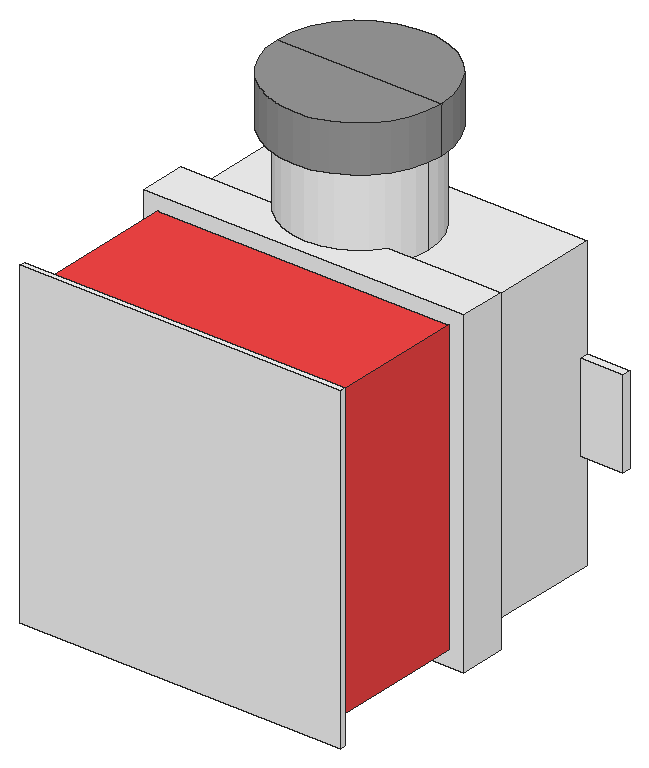
Revit family "HL_Сифон с уплотнением_HL138", category Příslušenství trubek, Revit 2016
Family settings
  Typ součásti = Normální
  Kóta kulaté spojky = Použít průměr
  Číslo OmniClass = 23.60.30.00
  Nadpis OmniClass = General Pipework and Ductwork Products
  Založené na pracovní rovině = Ne
  Vždy vertikální = Ano
  Ořezat dutým tvarem při načtení = Ne
  Sdílené = Ne
Parameters (values of type "HL_Сифон с уплотнением_HL138")
  РАЗМЕР = "DN32"
  ПРОПУСКНАЯ СПОСОБНОСТЬ = 0.0 m³/h
  ПРОИЗВОДИТЕЛЬНОСТЬ = "0,15 l/s"
  ПРИЁМНОЕ ОТВЕРСТИЕ = "Ø 20 - 32 mm"
  ПРАВОВАЯ ИНФОРМАЦИЯ = "\"Авторские права(©), права на дизайн или какие либо другие права интелектуальной собственности являются исключительной собственностью компании HL Hutterer & Lechner. Изменению не подлежит. Файл семейства с данными о прозводителе изделия защищен паролем с водяным знаком.\""
  НОМИНАЛЬНЫЙ ДИАМЕТР 2 = 32 mm
  НОМИНАЛЬНЫЙ ДИАМЕТР [instance] = if(Входной, 20 mm, 32 mm)  # 32 mm
  МАТЕРИАЛ = "PP"
  ВЫСОТА МОНТАЖА = "60 - 110 mm"
  ВЕС = "0,28 kg"
  x [instance] = if(Высота монтажа > 110 mm, -10 mm, if(Высота монтажа < 60 mm, -10 mm, Высота монтажа - 59 mm))  # 51 mm
  a [instance] = if(Входной, 87 mm, 71 mm)  # 71 mm
  Výrobce = "HL Hutterer & Lechner GmbH"
  URL = "http://www.hutterer-lechner.com/ru/products/catalog/roof-drains/HL138.aspx"
  Popis = "Кондиционирование и Вентиляция"
  Model = "HL138"
  материал 3 = Plastic - Red
  материал = Plactic - White
  материал 2 = Plactic - Black
  Komentáře k typům = "Встроенный сифон DN32 для сброса дренажа от кондиционеров"
  Высота монтажа [instance] = 110 mm
  Входной [instance] = no
  EAN = "9003076030705"
  Cena = 0
Reference planes
  plane 1 "Střed (vpředu/vzadu)": y = 0
  plane 2: z = 0
  plane 3 "Střed (vlevo/vpravo)": x = 0
  plane 4: y = -5
Forms (mm)
  Extrusion 1, solid, material "Plactic - White" <- "материал", detail levels fine
    sketch origin (0, 0, 0) x (1, 0, 0) y (0, 0, 1)
      loop
        line (-46.004, 49.936) -> (-46.004, -49.921) -> (53.868, -49.921) -> (53.868, 49.936) -> (-46.004, 49.936)
    from -25.067 to 18
  Extrusion 2, solid, material "Plactic - White" <- "материал", detail levels fine
    sketch origin (0, -18, 0) x (1, 0, 0) y (0, 0, 1)
      loop
        line (-51, 54.779) -> (-51, -55.221) -> (59, -55.221) -> (59, 54.779) -> (-51, 54.779)
    from 0 to 15.933
  Extrusion 3, solid, material "Plastic - Red" <- "материал 3", detail levels fine
    sketch origin (0, -33.933, 0) x (1, 0, 0) y (0, 0, 1)
      loop
        line (53.868, 49.936) -> (-46.004, 49.936) -> (-46.004, -49.921) -> (53.868, -49.921) -> (53.868, 49.936)
    from 0 to 51 <- "x"
  Extrusion 4, solid, material "Plactic - White" <- "материал", detail levels fine
    sketch origin (0, -84.933, 0) x (1, 0, 0) y (0, 0, 1)
      loop
        line (59, 54.779) -> (-51, 54.779) -> (-51, -55.221) -> (59, -55.221) -> (59, 54.779)
    from 0 to 2
  Extrusion 5, solid, material "Plactic - White" <- "материал", detail levels fine
    sketch origin (0, 0, 0) x (1, 0, 0) y (0, 0, 1)
      loop
        line (53.868, -14.942) -> (68.617, -14.942) -> (68.617, 15.2) -> (53.868, 15.2) -> (53.868, -14.942)
    from -25.067 to -22.118
  Extrusion 6, solid, material "Plactic - White" <- "материал", detail levels fine
    sketch origin (-114.622, 0, 0) x (1, 0, 0) y (0, 0, 1)
      loop
        line (53.868, -14.942) -> (68.617, -14.942) -> (68.617, 15.2) -> (53.868, 15.2) -> (53.868, -14.942)
    from -25.067 to -22.118
  Revolve 7, solid, material "Plactic - White" <- "материал", detail levels fine
    sketch origin (0, -5, 0) x (1, 0, 0) y (0, 0, 1)
      loop
        line (0, 49.479) -> (23.698, 49.479) -> (23.698, 80.279) -> (0, 80.279) -> (0, 49.479)
      axis (0, 49.479) -> (0, 80.279)
    angle from 0 to 360
  Revolve 8, solid, material "Plactic - White" <- "материал", detail levels fine
    sketch origin (0, 0, 0) x (1, 0, 0) y (0, 0, 1)
      loop
        line (-22.019, -96.826) -> (-5.909, -96.826) -> (-5.909, -49.921) -> (-22.019, -49.921) -> (-22.019, -96.826)
      axis (-22.019, -49.921) -> (-22.019, -96.826)
    angle from 0 to 360
  Revolve 9, solid, material "Plactic - Black" <- "материал 2", detail levels fine
    sketch origin (0, -5, 0) x (1, 0, 0) y (0, 0, 1)
      loop
        line (0, 80.279) -> (28.2, 80.279) -> (28.2, 96.279) -> (0, 96.279) -> (0, 80.279)
      axis (0, 80.279) -> (0, 96.279)
    angle from 0 to 360
Lines and regions (mm)
  model lines, detail levels coarse+medium
    curve 1: line (0, 0, 41.279) -> (35, 0, 41.279)
    curve 2: line (35, 0, 41.279) -> (35, 0, -28.721)
    curve 3: line (35, 0, -28.721) -> (-5, 0, -28.721)
    curve 4: line (-5, 0, -28.721) -> (-5, 0, 21.279)
    curve 5: line (-5, 0, 21.279) -> (-22.019, 0, 21.279)
    curve 6: line (-22.019, 0, -96.826) -> (-22.019, 0, 21.279)
    curve 7: line (0, -5, 96.279) -> (0, 0, 41.279)
  reference lines
    curve 8: line (-22.019, 0, 0) -> (-22.019, 0, -96.826)
    curve 9: line (0, -5, 0) -> (0, -5, 71)
  symbolic lines, detail levels coarse+medium
    curve 10: line (53.868, 25.067, 0) -> (-46.004, 25.067, 0)
    curve 11: line (53.868, -84.933, 0) -> (53.868, 25.066, 0)
    curve 12: line (-46.004, -84.933, 0) -> (53.868, -84.933, 0)
    curve 13: line (-46.004, 25.066, 0) -> (-46.004, -84.933, 0)
Dimensions and locks
  "a": curve 9 to plane 2
  "x": Extrusion 4 to Extrusion 2
  aligned and locked: level to plane 2
  aligned and locked: curve 12 to Extrusion 4
Automatic sketch dimensions
  curve 1 to plane 3 "Střed (vlevo/vpravo)" = 0 mm
  curve 4 to plane 3 "Střed (vlevo/vpravo)" = 5 mm
  curve 6 to curve 4 = 17.019 mm
  plane 3 "Střed (vlevo/vpravo)" to curve 2 = 35 mm
  curve 3 to level = 28.721 mm
  level to curve 5 = 21.279 mm
  level to curve 1 = 41.279 mm
  curve 6 to curve 3 = 68.104 mm
  curve 8 to level = 0 mm
  curve 8 to plane 3 "Střed (vlevo/vpravo)" = 22.019 mm
  curve 8 to level = 96.826 mm
  Extrusion 1 sketch curve to plane 3 "Střed (vlevo/vpravo)" = 46.004 mm
  plane 3 "Střed (vlevo/vpravo)" to Extrusion 1 sketch curve = 53.868 mm
  Extrusion 1 sketch curve to level = 49.921 mm
  level to Extrusion 1 sketch curve = 49.936 mm
  Extrusion 1 to Extrusion 2 sketch curve = 4.996 mm
  Extrusion 1 to Extrusion 2 sketch curve = 5.132 mm
  Extrusion 1 to Extrusion 2 sketch curve = 5.3 mm
  Extrusion 1 to Extrusion 2 sketch curve = 4.843 mm
  Extrusion 3 sketch curve to Extrusion 2 = 4.996 mm
  Extrusion 3 sketch curve to Extrusion 2 = 5.132 mm
  Extrusion 3 sketch curve to Extrusion 2 = 5.3 mm
  Extrusion 3 sketch curve to Extrusion 2 = 4.843 mm
  Extrusion 3 to Extrusion 4 sketch curve = 4.996 mm
  Extrusion 3 to Extrusion 4 sketch curve = 5.132 mm
  Extrusion 3 to Extrusion 4 sketch curve = 5.3 mm
  Extrusion 3 to Extrusion 4 sketch curve = 4.843 mm
  level to Extrusion 5 sketch curve = 15.2 mm
  plane 3 "Střed (vlevo/vpravo)" to Extrusion 5 sketch curve = 53.868 mm
  Extrusion 5 sketch curve to Extrusion 5 sketch curve = 14.749 mm
  Extrusion 5 sketch curve to level = 14.942 mm
  level to Extrusion 6 sketch curve = 15.2 mm
  Extrusion 6 sketch curve to plane 3 "Střed (vlevo/vpravo)" = 60.753 mm
  Extrusion 6 sketch curve to Extrusion 6 sketch curve = 14.749 mm
  Extrusion 6 sketch curve to level = 14.942 mm
  Revolve 7 sketch curve to plane 3 "Střed (vlevo/vpravo)" = 0 mm  (x2)
  plane 3 "Střed (vlevo/vpravo)" to Revolve 7 sketch curve = 23.698 mm
  level to Revolve 7 sketch curve = 49.479 mm
  Revolve 7 sketch curve to Revolve 7 sketch curve = 30.8 mm
  Revolve 7 sketch curve to Revolve 7 sketch curve = 16 mm
  Revolve 7 sketch curve to Revolve 7 sketch curve = 38.432 mm
  Revolve 8 sketch curve to plane 3 "Střed (vlevo/vpravo)" = 22.019 mm
  Revolve 8 sketch curve to plane 3 "Střed (vlevo/vpravo)" = 5.909 mm
  Revolve 8 sketch curve to level = 96.826 mm
  Revolve 8 sketch curve to Revolve 8 sketch curve = 46.905 mm
  Revolve 8 sketch curve to Revolve 8 sketch curve = 0 mm  (x2)
  Revolve 8 sketch curve to Revolve 8 sketch curve = 25 mm
  Revolve 9 sketch curve to plane 3 "Střed (vlevo/vpravo)" = 0 mm  (x2)
  plane 3 "Střed (vlevo/vpravo)" to Revolve 9 sketch curve = 28.2 mm
  level to Revolve 9 sketch curve = 80.279 mm
  Revolve 9 sketch curve to Revolve 9 sketch curve = 16 mm
  Revolve 9 sketch curve to Revolve 9 sketch curve = 0 mm
  Revolve 9 sketch curve to Revolve 9 sketch curve = 38.432 mm
  curve 7 to plane 4 = 0 mm
  curve 7 to plane 1 "Střed (vpředu/vzadu)" = 0 mm
  level to curve 7 = 41.279 mm
  curve 7 to curve 7 = 55 mm
  curve 10 to plane 1 "Střed (vpředu/vzadu)" = 25.066 mm
  curve 10 to plane 3 "Střed (vlevo/vpravo)" = 46.004 mm
  plane 3 "Střed (vlevo/vpravo)" to curve 12 = 53.868 mm
  curve 9 to plane 3 "Střed (vlevo/vpravo)" = 0 mm
  curve 9 to level = 0 mm
Connectors
  piping at (0, -5, 71), diameter 32, driven by "ПРОПУСКНАЯ СПОСОБНОСТЬ", driven by "НОМИНАЛЬНЫЙ ДИАМЕТР"
    settings: on curve 9, index 1, connector inside diameter 609.6 mm, connector length 0 mm, flow factor 0, pipe flow 0.0 m³/h, pressure drop 0.0 Pa, fitting loss kfactor 0, connector angle 0.00°, fixture units 0, engagement length 0 mm, angle of deflection 0.00°, flow configuration 0, flow direction 0, fitting loss method 0, system type 16, joint type 0, gender type 0, connector reference index 2, connector utility 0, adjustable connector yes, is connector primary yes, connector description ""
  piping at (-22.019, 0, -96.826), diameter 32, driven by "ПРОПУСКНАЯ СПОСОБНОСТЬ", driven by "НОМИНАЛЬНЫЙ ДИАМЕТР 2"
    settings: on curve 8, index 2, connector inside diameter 609.6 mm, connector length 0 mm, flow factor 0, pipe flow 0.0 m³/h, pressure drop 0.0 Pa, fitting loss kfactor 0, connector angle 0.00°, fixture units 0, engagement length 0 mm, angle of deflection 0.00°, flow configuration 0, flow direction 0, fitting loss method 4, system type 16, joint type 0, gender type 0, connector reference index 1, connector utility 0, adjustable connector yes, is connector primary no, connector description ""
